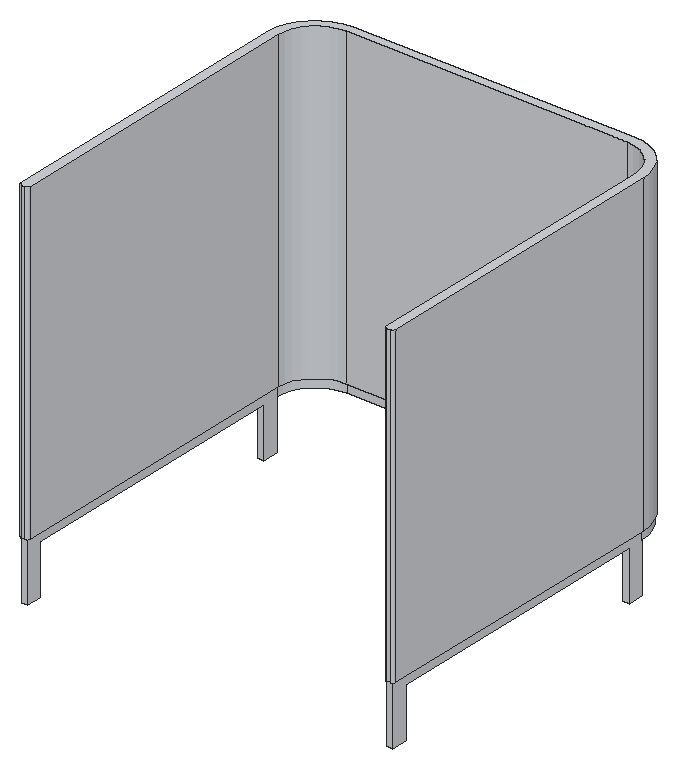
Revit family "BuzziTemp_Revit", category Furniture Systems, Revit 2019
Family settings
  Round Connector Dimension = Use Diameter
  Part Type = Normal
  Work Plane-Based = No
  Always vertical = Yes
  Cut with Voids When Loaded = No
  Shared = No
  Room Calculation Point = No
Parameters (values of type "BuzziTemp_Small-120")
  Width = 120.00 cm
  Tablet With Cable Tray [instance] = no
  Tablet Width Calc [instance] = Width - 6.00 cm  # 114.00 cm
  Tablet Without Cable Tray [instance] = no
  Material = none
  Height = 120.00 cm
  Base Material = none
Types (7, lengths in cm): name | Width | Tablet Width Calc | Height
  (no name) | 120.00 | 114.00 | 120.00
  BuzziTemp_Small-120 | 120.00 | 114.00 | 120.00
  BuzziTemp_Small-135 | 120.00 | 114.00 | 135.00
  BuzziTemp_Medium-120 | 160.00 | 154.00 | 120.00
  BuzziTemp_Medium-135 | 160.00 | 154.00 | 135.00
  BuzziTemp_Large-120 | 200.00 | 194.00 | 120.00
  BuzziTemp_Large-135 | 200.00 | 194.00 | 135.00
Reference planes (cm)
  plane 1 "Center F/B": y = 0
  plane 2: z = 0
  plane 3 "Center L/R": x = 0
  plane 4: x = -60
  plane 5: x = 60
  plane 6: y = 115
  plane 7: z = 120
  plane 8: z = 16
  plane 9: z = 19
  plane 10: z = 74
Forms (cm)
  Extrusion 1, solid, material <- "Material"
    sketch origin (0, 0, 0) x (1, 0, 0) y (0, 1, 0)
      loop
        line (-60, 100) -> (-60, 1)
        arc (-60, 1) -> (-59.7071, 0.2929) -> (-59, 0) r 1
        line (-59, 0) -> (-58, 0)
        arc (-58, 0) -> (-57.2929, 0.2929) -> (-57, 1) r 1
        line (-57, 1) -> (-57, 100)
        arc (-57, 100) -> (-53.4853, 108.4853) -> (-45, 112) r 12
        line (-45, 112) -> (45, 112)
        arc (45, 112) -> (53.4853, 108.4853) -> (57, 100) r 12
        line (57, 100) -> (57, 1)
        arc (57, 1) -> (57.2929, 0.2929) -> (58, 0) r 1
        line (58, 0) -> (59, 0)
        arc (59, 0) -> (59.7071, 0.2929) -> (60, 1) r 1
        line (60, 1) -> (60, 100)
        arc (60, 100) -> (55.6066, 110.6066) -> (45, 115) r 15
        line (45, 115) -> (-45, 115)
        arc (-45, 115) -> (-55.6066, 110.6066) -> (-60, 100) r 15
    from 19 to 120
  Extrusion 2, solid, material <- "Base Material"
    sketch origin (0, 0, 0) x (1, 0, 0) y (0, 1, 0)
      loop
        line (-59.5, 100) -> (-59.5, 0.5) -> (-57.5, 0.5) -> (-57.5, 100)
        arc (-57.5, 100) -> (-53.8388, 108.8388) -> (-45, 112.5) r 12.5
        line (-45, 112.5) -> (45, 112.5)
        arc (45, 112.5) -> (53.8388, 108.8388) -> (57.5, 100) r 12.5
        line (57.5, 100) -> (57.5, 0.5) -> (59.5, 0.5) -> (59.5, 100)
        arc (59.5, 100) -> (55.253, 110.253) -> (45, 114.5) r 14.5
        line (45, 114.5) -> (-45, 114.5)
        arc (-45, 114.5) -> (-55.253, 110.253) -> (-59.5, 100) r 14.5
    from 16 to 19
  Extrusion 3, solid, material <- "Base Material"
    sketch origin (0, 0, 0) x (1, 0, 0) y (0, 1, 0)
      loop
        line (-59.5, 5.5) -> (-59.5, 0.5) -> (-57.5, 0.5) -> (-57.5, 5.5) -> (-59.5, 5.5)
    from 0 to 16
  Extrusion 4, solid, material <- "Base Material"
    sketch origin (0, 0, 0) x (1, 0, 0) y (0, 1, 0)
      loop
        line (59.5, 0.5) -> (59.5, 5.5) -> (57.5, 5.5) -> (57.5, 0.5) -> (59.5, 0.5)
    from 0 to 16
  Extrusion 5, solid, material <- "Base Material"
    sketch origin (0, 0, 0) x (1, 0, 0) y (0, 1, 0)
      loop
        line (59.5, 95) -> (59.5, 100) -> (57.5, 100) -> (57.5, 95) -> (59.5, 95)
    from 0 to 16
  Extrusion 6, solid, material <- "Base Material"
    sketch origin (0, 0, 0) x (1, 0, 0) y (0, 1, 0)
      loop
        line (-59.5, 100) -> (-59.5, 95) -> (-57.5, 95) -> (-57.5, 100) -> (-59.5, 100)
    from 0 to 16
Cuts and joins
  joined: Extrusion 2, Extrusion 3, Extrusion 4, Extrusion 5, Extrusion 6
Dimensions and locks (cm)
  equal spacing: plane 4, plane 3 "Center L/R", plane 5
  "Width": plane 4 to plane 5
  locked: plane 1 "Center F/B" to plane 6 at 115
  "Height": plane 7 to level
  locked: plane 9 to level at 19
  locked: plane 10 to level at 74
  aligned and locked: level to plane 2
  aligned and locked: Extrusion 1 sketch curve to plane 4
  aligned and locked: Extrusion 1 sketch curve to plane 6
  aligned and locked: plane 5 to Extrusion 1 sketch curve
  aligned and locked: Extrusion 1 sketch curve to plane 1 "Center F/B"
  aligned and locked: plane 7 to Extrusion 1
  aligned and locked: Extrusion 1 to plane 9
  aligned and locked: plane 9 to Extrusion 2
  aligned and locked: Extrusion 2 to plane 8
  aligned and locked: plane 8 to Extrusion 4
  aligned and locked: plane 8 to Extrusion 5
  aligned and locked: plane 8 to Extrusion 6
  aligned and locked: plane 10 to nested 1
  aligned and locked: plane 10 to nested 2
Automatic sketch dimensions
  Extrusion 1 sketch curve to Extrusion 1 sketch curve = 0.00 cm  (x4)
  plane 1 "Center F/B" to Extrusion 1 sketch curve = 0.00 cm
  Extrusion 1 sketch curve to Extrusion 1 sketch curve = 1.00 cm  (x3)
  Extrusion 1 sketch curve to plane 1 "Center F/B" = 1.00 cm  (x2)
  plane 4 to Extrusion 1 sketch curve = 15.00 cm
  plane 5 to Extrusion 1 sketch curve = 15.00 cm
  Extrusion 2 sketch curve to Extrusion 2 sketch curve = 0.00 cm  (x4)
  plane 4 to Extrusion 2 sketch curve = 0.50 cm
  Extrusion 2 sketch curve to plane 6 = 15.00 cm  (x2)
  Extrusion 2 sketch curve to plane 6 = 2.50 cm
  plane 5 to Extrusion 2 sketch curve = 0.50 cm
  Extrusion 2 sketch curve to plane 1 "Center F/B" = 0.50 cm  (x2)
  Extrusion 2 sketch curve to Extrusion 2 sketch curve = 2.00 cm
  plane 4 to Extrusion 3 sketch curve = 0.50 cm
  Extrusion 3 sketch curve to plane 1 "Center F/B" = 0.50 cm
  Extrusion 3 sketch curve to Extrusion 3 sketch curve = 2.00 cm
  Extrusion 3 sketch curve to Extrusion 3 sketch curve = 5.00 cm
  Extrusion 4 sketch curve to plane 1 "Center F/B" = 0.50 cm
  plane 5 to Extrusion 4 sketch curve = 0.50 cm
  Extrusion 4 sketch curve to Extrusion 4 sketch curve = 2.00 cm
  Extrusion 4 sketch curve to Extrusion 4 sketch curve = 5.00 cm
  plane 4 to Extrusion 6 sketch curve = 0.50 cm
  Extrusion 6 sketch curve to Extrusion 6 sketch curve = 2.00 cm
  Extrusion 6 sketch curve to plane 6 = 15.00 cm
  Extrusion 6 sketch curve to Extrusion 6 sketch curve = 5.00 cm
  plane 5 to Extrusion 5 sketch curve = 2.50 cm
  plane 5 to Extrusion 5 sketch curve = 0.50 cm
  Extrusion 5 sketch curve to plane 6 = 20.00 cm
  Extrusion 5 sketch curve to Extrusion 5 sketch curve = 5.00 cm
Nested families (cm)
  nested 1: "BuzziTemp_Tablet" at (0, 45, 74), visible <- "Tablet Without Cable Tray", type "BuzziTemp_Tablet"
  nested 2: "BuzziTemp_Tablet With Cable Tray" at (0, 45, 74), visible <- "Tablet With Cable Tray", type "BuzziTemp_Tablet With Cable Tray"
Definition of nested family "BuzziTemp_Tablet"
  Parameters
    Width = 114.00 cm
  Reference planes (cm)
    plane 1 "Center F/B": y = 0
    plane 2: z = 0
    plane 3 "Center L/R": x = 0
    plane 4: x = -57
    plane 5: x = 57
    plane 6: y = 67
    plane 7: x = -3.5
    plane 8: x = 3.5
  Forms (cm)
    Extrusion 1, solid
      sketch origin (0, 0, 0) x (1, 0, 0) y (0, 1, 0)
        loop
          line (-57, 55) -> (-57, 0) -> (57, 0) -> (57, 55)
          arc (57, 55) -> (53.4853, 63.4853) -> (45, 67) r 12
          line (45, 67) -> (3.5, 67) -> (3.5, 65) -> (-3.5, 65) -> (-3.5, 67) -> (-45, 67)
          arc (-45, 67) -> (-53.4853, 63.4853) -> (-57, 55) r 12
      from 0 to -2
  Dimensions and locks (cm)
    equal spacing: plane 4, plane 3 "Center L/R", plane 5
    "Width": plane 4 to plane 5
    aligned and locked: level to plane 2
    aligned and locked: Extrusion 1 sketch curve to plane 4
    aligned and locked: Extrusion 1 sketch curve to plane 6
    aligned and locked: plane 5 to Extrusion 1 sketch curve
    aligned and locked: Extrusion 1 sketch curve to plane 1 "Center F/B"
    aligned and locked: Extrusion 1 sketch curve to plane 7
    aligned and locked: plane 8 to Extrusion 1 sketch curve
  Automatic sketch dimensions
    plane 4 to Extrusion 1 sketch curve = 12.00 cm
    plane 5 to Extrusion 1 sketch curve = 12.00 cm
    Extrusion 1 sketch curve to plane 6 = 2.00 cm
    Extrusion 1 sketch curve to plane 6 = 0.00 cm
Definition of nested family "BuzziTemp_Tablet With Cable Tray"
  Parameters
    Width = 114.00 cm
  Reference planes (cm)
    plane 1 "Center F/B": y = 0
    plane 2: z = 0
    plane 3 "Center L/R": x = 0
    plane 4: x = -57
    plane 5: x = 57
    plane 6: y = 67
    plane 7: x = -3.5
    plane 8: x = 3.5
    plane 9: y = 60
    plane 10: z = -10
  Forms (cm)
    Extrusion 1, solid
      sketch origin (0, 0, 0) x (1, 0, 0) y (0, 1, 0)
        loop
          line (-57, 55) -> (-57, 0) -> (57, 0) -> (57, 55)
          arc (57, 55) -> (56.724, 57.5589) -> (55.9087, 60) r 12
          line (55.9087, 60) -> (-55.9087, 60)
          arc (-55.9087, 60) -> (-56.724, 57.5589) -> (-57, 55) r 12
      from 0 to -2
    Extrusion 2, solid
      sketch origin (-65.2609, -457.2, -10) x (-1, 0, 0) y (0, -1, 0)
        loop
          arc (-20.2609, -524.2) -> (-12.9124, -521.6868) -> (-8.6419, -515.2) r 12
          line (-8.6419, -515.2) -> (-121.8798, -515.2)
          arc (-121.8798, -515.2) -> (-117.6093, -521.6868) -> (-110.2609, -524.2) r 12
          line (-110.2609, -524.2) -> (-68.7609, -524.2) -> (-68.7609, -522.2) -> (-61.7609, -522.2) -> (-61.7609, -524.2) -> (-20.2609, -524.2)
      from 0 to -2
    Extrusion 3, solid
      sketch origin (-65.2609, -457.2, -10) x (-1, 0, 0) y (0, -1, 0)
        loop
          line (-121.1696, -517.2) -> (-9.3522, -517.2)
          arc (-9.3522, -517.2) -> (-8.9527, -516.2157) -> (-8.6419, -515.2) r 12
          line (-8.6419, -515.2) -> (-121.8798, -515.2)
          arc (-121.8798, -515.2) -> (-121.569, -516.2157) -> (-121.1696, -517.2) r 12
      from 0 to 8
  Cuts and joins
    joined: Extrusion 1, Extrusion 2, Extrusion 3
  Dimensions and locks (cm)
    equal spacing: plane 4, plane 3 "Center L/R", plane 5
    "Width": plane 4 to plane 5
    locked: level to plane 10 at 10
    aligned and locked: level to plane 2
    aligned and locked: Extrusion 1 sketch curve to plane 4
    aligned and locked: plane 5 to Extrusion 1 sketch curve
    aligned and locked: Extrusion 1 sketch curve to plane 1 "Center F/B"
    aligned and locked: Extrusion 1 sketch curve to plane 9
    aligned and locked: Extrusion 3 sketch curve to Extrusion 1  (x3)
    aligned and locked: Extrusion 2 sketch curve to Extrusion 3
  Automatic sketch dimensions
    plane 4 to Extrusion 1 sketch curve = 1.0913 cm
    Extrusion 1 sketch curve to plane 9 = 5.00 cm  (x2)
    Extrusion 1 sketch curve to Extrusion 1 sketch curve = 1.0913 cm
    Extrusion 2 sketch curve to plane 6 = 0.00 cm  (x2)
    Extrusion 2 sketch curve to plane 8 = 0.00 cm
    Extrusion 2 sketch curve to plane 7 = 0.00 cm
    Extrusion 2 sketch curve to plane 6 = 2.00 cm
    plane 5 to Extrusion 3 sketch curve = 0.381 cm
    plane 5 to Extrusion 2 sketch curve = 0.381 cm
    plane 4 to Extrusion 2 sketch curve = 0.381 cm
    plane 4 to Extrusion 2 sketch curve = 12.00 cm
    plane 5 to Extrusion 2 sketch curve = 12.00 cm
